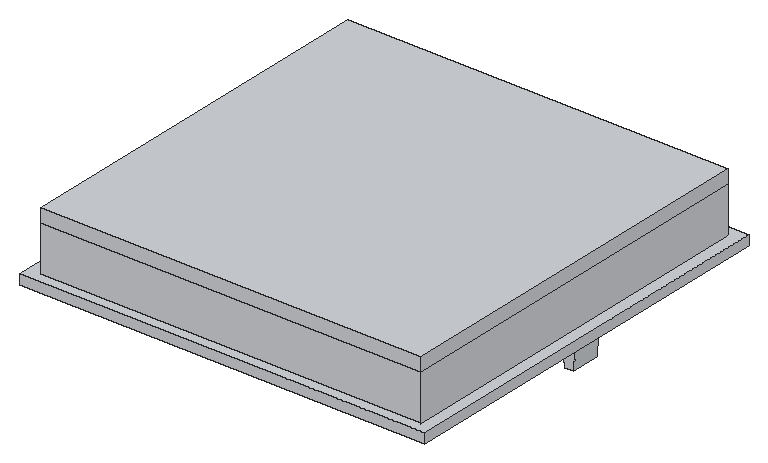
Revit family "Gira_028665", category Electrical Fixtures, host Face, Revit 2017
Family settings
  Host = Face
  Maintain Annotation Orientation = No
  Round Connector Dimension = Use Diameter
  Part Type = Normal
  Cut with Voids When Loaded = No
  Shared = No
  Room Calculation Point = No
Parameters (values of type "Wippe Symb. Klingel Gira TX_44 (WG UP) F Alu")
  Werkstoffgüte = "sonstige"
  Werkstoff = "Kunststoff"
  Verwendung = "Schalter/Taster"
  URL = "http://katalog.gira.de/de_DE/datenblatt.html?artikelnr=028665"
  Region = "DE"
  Oberfläche = "sonstige"
  Name = "Wippe Symb. Klingel Gira TX_44 (WG UP) F Alu"
  Mit austauschbarer Linse/Symbol = "No"
  Mit Beschriftungsfeld = "No"
  Manufacturer URL = "https://www.gira.de/"
  Kontrollfenster/Lichtauslass = "Yes"
  Keynote = "TX44_Abdeckung_Schalten und Tasten"
  HeinzeBIM = "https://bimportal.heinze.de/bim/wippe-symb-klingel-gira-tx-44-wg-up-f-alu/1145c27f28494cc2dd0e3357c7980d9c65386f80"
  Halogenfrei = "No"
  HAN = "028665"
  Geeignet für Schutzart (IP) = "IP44"
  Geeignet für Bussystem-Tasterankopplung = "No"
  GTIN = "4010337286653"
  Farbe = "aluminium"
  Default Elevation = 1219.2 mm
  Data sheet (1) = "https://katalog.gira.de/de_DE/download.html?artikelnr=028665"
  Category = "Abdeckung/Bedienelement für Installationsschalterprogramme"
  Befestigungsart = "Klemmbefestigung"
  Available = "Yes"
  Ausführung = "einteilige Wippe"
  Aufdruck/Kennzeichnung = "Symbol \"Klingel\""
  Abtastbares Symbol/barrierefrei = "No"
Reference planes
  plane 1 "Center (Front/Back)": y = 0
  plane 2: z = 0
  plane 3 "Center (Left/Right)": x = 0
Forms (mm)
  Extrusion 1, solid, detail levels fine
    sketch origin (0, 0, 0) x (1, 0, 0) y (0, 1, 0)
      loop
        line (34.85, 34.85) -> (-34.85, 34.85) -> (-34.85, -34.85) -> (34.85, -34.85) -> (34.85, 34.85)
      loop
        line (-31.45, 31.8) -> (-31.45, -31.8) -> (31.45, -31.8) -> (31.45, 31.8) -> (-31.45, 31.8)
    from 0 to 1.7
  Extrusion 2, solid, detail levels fine
    sketch origin (0, 0, 0) x (1, 0, 0) y (0, 1, 0)
      loop
        line (32.8, 33.05) -> (-32.8, 33.05) -> (-32.8, -33.05) -> (32.8, -33.05) -> (32.8, 33.05)
      loop
        line (-31.45, 31.8) -> (-31.45, -31.8) -> (31.45, -31.8) -> (31.45, 31.8) -> (-31.45, 31.8)
    from 1.566 to 9.515
  Extrusion 3, solid, detail levels fine
    sketch origin (0, 0, 0) x (1, 0, 0) y (0, 1, 0)
      loop
        line (32.8, 33.05) -> (-32.8, 33.05) -> (-32.8, -33.05) -> (32.8, -33.05) -> (32.8, 33.05)
    from 9.515 to 11.816
  Extrusion 4, solid, detail levels fine
    sketch origin (0, 0, 0) x (1, 0, 0) y (0, 0, 1)
      loop
        line (-32.815, 0) -> (-34.827, 0) -> (-34.611, -3.084) -> (-33.031, -3.084) -> (-32.815, 0)
      loop
        line (32.815, 0) -> (33.031, -3.084) -> (34.611, -3.084) -> (34.827, 0) -> (32.815, 0)
    from -2.513 to 2.5
  Extrusion 5, solid, detail levels fine
    sketch origin (0, 0, 0) x (1, 0, 0) y (0, 1, 0)
      loop
        spline (-23.686, 23.152) -> (-23.856, 23.114) -> (-24.022, 23.062) -> (-24.184, 22.995) -> (-24.338, 22.915) -> (-24.486, 22.821) -> (-24.624, 22.715) -> (-24.753, 22.597) -> (-24.87, 22.468) -> (-24.977, 22.33) -> (-25.07, 22.183) -> (-25.151, 22.028) -> (-25.218, 21.867)
        line (-25.218, 21.867) -> (-29.35, 10.513) -> (-29.35, -10.487) -> (-25.218, -21.841)
        spline (-25.218, -21.841) -> (-25.151, -22.002) -> (-25.07, -22.156) -> (-24.977, -22.304) -> (-24.87, -22.442) -> (-24.753, -22.571) -> (-24.624, -22.688) -> (-24.486, -22.795) -> (-24.338, -22.888) -> (-24.184, -22.969) -> (-24.022, -23.036) -> (-23.856, -23.088) -> (-23.686, -23.126)
        line (-23.686, -23.126) -> (0, -27.302) -> (23.686, -23.126)
        spline (23.686, -23.126) -> (23.856, -23.088) -> (24.022, -23.036) -> (24.184, -22.969) -> (24.338, -22.888) -> (24.486, -22.795) -> (24.624, -22.688) -> (24.753, -22.571) -> (24.87, -22.442) -> (24.977, -22.304) -> (25.07, -22.156) -> (25.151, -22.002) -> (25.218, -21.841)
        line (25.218, -21.841) -> (29.35, -10.487) -> (29.35, 10.513) -> (25.218, 21.867)
        spline (25.218, 21.867) -> (25.151, 22.028) -> (25.07, 22.183) -> (24.977, 22.33) -> (24.87, 22.468) -> (24.753, 22.597) -> (24.624, 22.715) -> (24.486, 22.821) -> (24.338, 22.915) -> (24.184, 22.995) -> (24.022, 23.062) -> (23.856, 23.114) -> (23.686, 23.152)
        line (23.686, 23.152) -> (0, 27.328) -> (-23.686, 23.152)
      loop
        line (-24.278, 21.525) -> (-28.35, 10.337) -> (-28.35, -10.311) -> (-24.278, -21.498)
        spline (-24.278, -21.498) -> (-24.245, -21.579) -> (-24.204, -21.656) -> (-24.157, -21.73) -> (-24.104, -21.799) -> (-24.045, -21.863) -> (-23.981, -21.922) -> (-23.912, -21.976) -> (-23.838, -22.022) -> (-23.761, -22.063) -> (-23.68, -22.096) -> (-23.597, -22.122) -> (-23.512, -22.141)
        line (-23.512, -22.141) -> (0, -26.287) -> (23.512, -22.141)
        spline (23.512, -22.141) -> (23.597, -22.122) -> (23.68, -22.096) -> (23.761, -22.063) -> (23.838, -22.022) -> (23.912, -21.976) -> (23.981, -21.922) -> (24.045, -21.863) -> (24.104, -21.799) -> (24.157, -21.73) -> (24.204, -21.656) -> (24.245, -21.579) -> (24.278, -21.498)
        line (24.278, -21.498) -> (28.35, -10.311) -> (28.35, 10.337) -> (24.278, 21.525)
        spline (24.278, 21.525) -> (24.245, 21.605) -> (24.204, 21.683) -> (24.157, 21.756) -> (24.104, 21.825) -> (24.045, 21.89) -> (23.981, 21.949) -> (23.912, 22.002) -> (23.838, 22.048) -> (23.761, 22.089) -> (23.68, 22.122) -> (23.597, 22.148) -> (23.512, 22.167)
        line (23.512, 22.167) -> (0, 26.313) -> (-23.512, 22.167)
        spline (-23.512, 22.167) -> (-23.597, 22.148) -> (-23.68, 22.122) -> (-23.761, 22.089) -> (-23.838, 22.048) -> (-23.912, 22.002) -> (-23.981, 21.949) -> (-24.045, 21.89) -> (-24.104, 21.825) -> (-24.157, 21.756) -> (-24.204, 21.683) -> (-24.245, 21.605) -> (-24.278, 21.525)
    from 4.866 to 9.515
  Extrusion 6, solid, detail levels fine
    sketch origin (0, 0, 0) x (1, 0, 0) y (0, 1, 0)
      loop
        arc (0, 8.51) -> (-1.055, 8.223) -> (-1.717, 7.352) r 1.7
        line (-1.717, 7.352) -> (-2.205, 5.894) -> (-2.205, 4.213) -> (-4.36, 4.213)
        arc (-4.36, 4.213) -> (-4.865, 4.091) -> (-5.257, 3.75) r 1.1
        arc (-5.257, 3.75) -> (-6.02, 2.328) -> (-6.406, 0.761) r 6.45
        arc (-6.406, 0.761) -> (-6.7, 0.013) -> (-6.406, -0.735) r 1.1
        arc (-6.406, -0.735) -> (-6.02, -2.302) -> (-5.257, -3.724) r 6.45
        arc (-5.257, -3.724) -> (-4.865, -4.064) -> (-4.36, -4.187) r 1.1
        line (-4.36, -4.187) -> (-2.1, -4.187) -> (-2.1, -5.243)
        arc (-2.1, -5.243) -> (-1.847, -5.944) -> (-1.206, -6.323) r 1.1
        arc (-1.206, -6.323) -> (0, -6.437) -> (1.206, -6.323) r 6.45
        arc (1.206, -6.323) -> (1.847, -5.944) -> (2.1, -5.243) r 1.1
        line (2.1, -5.243) -> (2.1, -4.187) -> (4.36, -4.187)
        arc (4.36, -4.187) -> (4.865, -4.064) -> (5.257, -3.724) r 1.1
        arc (5.257, -3.724) -> (6.02, -2.302) -> (6.406, -0.735) r 6.45
        arc (6.406, -0.735) -> (6.7, 0.013) -> (6.406, 0.761) r 1.1
        arc (6.406, 0.761) -> (6.02, 2.328) -> (5.257, 3.75) r 6.45
        arc (5.257, 3.75) -> (4.865, 4.091) -> (4.36, 4.213) r 1.1
        line (4.36, 4.213) -> (2.205, 4.213) -> (2.205, 5.894) -> (1.717, 7.352)
        arc (1.717, 7.352) -> (1.055, 8.223) -> (0, 8.51) r 1.7
    from -6.834 to 9.515
  Extrusion 7, solid, detail levels coarse
    sketch origin (0, 0, 0) x (1, 0, 0) y (0, 1, 0)
      loop
        line (34.85, 34.85) -> (-34.85, 34.85) -> (-34.85, -34.85) -> (34.85, -34.85) -> (34.85, 34.85)
    from -6.834 to 11.816
  Extrusion 8, solid, detail levels medium
    sketch origin (0, 0, 0) x (1, 0, 0) y (0, 1, 0)
      loop
        line (32.8, 33.05) -> (-32.8, 33.05) -> (-32.8, -33.05) -> (32.8, -33.05) -> (32.8, 33.05)
    from 1.566 to 11.816
  Extrusion 9, solid, detail levels medium
    sketch origin (0, 0, 0) x (1, 0, 0) y (0, 1, 0)
      loop
        line (34.85, 34.85) -> (-34.85, 34.85) -> (-34.85, -34.85) -> (34.85, -34.85) -> (34.85, 34.85)
    from 0 to 1.7
  Extrusion 10, solid, detail levels medium
    sketch origin (0, 0, 0) x (1, 0, 0) y (0, 1, 0)
      loop
        circle (0, 1.036) r 7.473
    from -6.834 to 9.515
  Extrusion 11, solid, detail levels medium
    sketch origin (0, 0, 0) x (1, 0, 0) y (0, 0, 1)
      loop
        line (-32.815, -3.084) -> (-32.815, 0) -> (-34.827, 0) -> (-34.827, -3.084) -> (-32.815, -3.084)
      loop
        line (32.815, -3.084) -> (34.827, -3.084) -> (34.827, 0) -> (32.815, 0) -> (32.815, -3.084)
    from -2.513 to 2.5
Dimensions and locks
  aligned and locked: plane 2 to host face
  aligned and locked: level to host face
